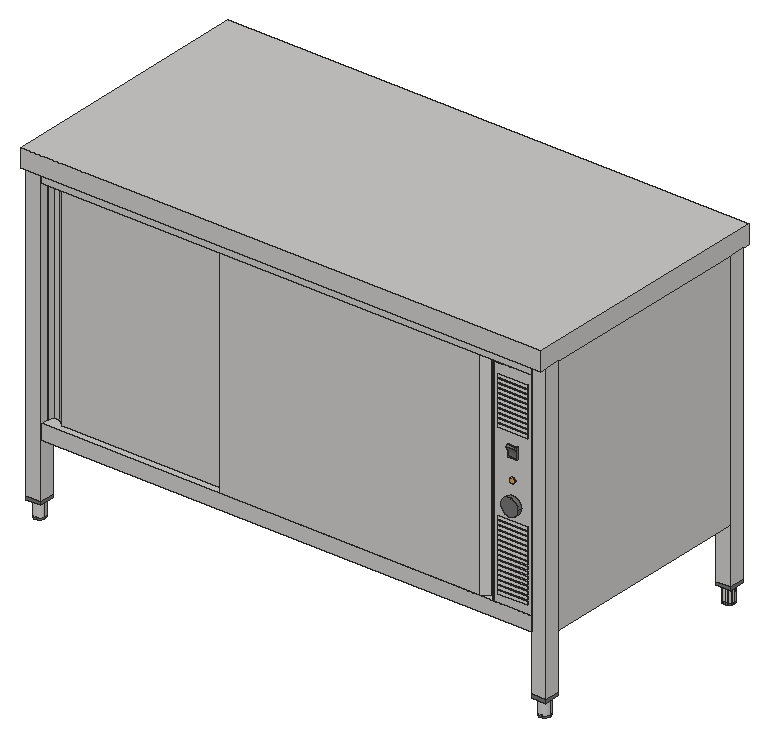
Revit family "QF_ELECTROLUXPROFESSIONAL_134055_GTCD1400E", category Attrezzature speciali, Revit 2020
Family settings
  Quota connettore circolare = Usa diametro
  Tipo di parte = Normale
  Basato su piano di lavoro = No
  Sempre verticale = Sì
  Taglio con vuoti quando caricato = No
  Condiviso = No
  Punto di calcolo locali = No
Parameters (values of type "Standard")
  Weight = 84.00 kg
  Watts = 2530 W
  Volts = 220 V
  URL Manufacturer = "https://www.electroluxprofessional.com/"
  URL = "https://www.electroluxprofessional.com/"
  Steam Supply Size = 0 mm
  Steam Supply Minimum Pressure = 0.0 Pa
  Steam Supply Maximum Pressure = 0.0 Pa
  Steam Consumption per Hour = 0
  Refrigeration Suction Line Size = 0.0 mm
  Refrigeration Liquid Line Size = 0.0 mm
  Refrigerant Compressor Remote = yes
  Prospetto di default = 0.0 mm
  Produttore = "Electrolux Professional"
  Phase = 1
  Modello = "GTCD1400E"
  Length Actual = 1400.0 mm  # constant formula
  Item Number = "134055"
  Hot Water Size = 0 mm
  Height Actual = 900.0 mm  # constant formula
  HP = "3.4 HP"
  Gas Size = 0 mm
  Gas KW = 0
  Gas Input Pressure = 0 W
  Direct Waste Size = 0 mm
  Descrizione = "HOT PASSTHRU CUPBOARD 1400 MM"
  Depth Actual = 700.0 mm  # constant formula
  Cycle = 50 Hz
  Condensate Return Size = 0 mm
  Compressed Air Volume = 0.0 L/s
  Compressed Air Size = 0 mm
  Compressed Air Pressure = 0.0 Pa
  Cold Water Size = 0 mm
  Accessory = yes
Reference planes
  plane 1 "Center (Front/Back)": y = 0
  plane 2: z = 0
  plane 3 "Center (Left/Right)": x = -200
  plane 4 "LEFT": x = -900
  plane 5 "RIGHT": x = 500
  plane 6 "BACK": y = 350
  plane 7 "FRONT": y = -350
  plane 8 "Base": z = 850
  plane 9 "TOP": z = 900
  plane 10: x = -880
  plane 11: x = 480
  plane 12: y = 310
  plane 13: y = -310
  plane 14 "BodyLeft": x = -900
  plane 15 "BodyFront": y = -330
  plane 16 "BodyRight": x = 500
  plane 17 "BodyBack": y = 330
  plane 18 "FEET": z = 200
  plane 19: x = -120
  plane 20: x = -380
  plane 21 "AxeSlideDoor": x = -250
  plane 22: x = 360
  plane 23: x = 410
  plane 24: y = -160
Forms (mm)
  Extrusion 1, solid, material "QF_Finishes_Stainless Steel"
    sketch origin (-200, 0, 0) x (0, 1, 0) y (0, 0, 1)
      loop
        line (-350, 850) -> (350, 850) -> (350, 900) -> (-350, 900) -> (-350, 850)
    from 700 to -700
  Extrusion 2, solid, material "QF_Finishes_Stainless Steel"
    sketch origin (0, 0, 200) x (-1, 0, 0) y (0, -1, 0)
      loop
        line (900, -290) -> (900, 290) -> (860, 290) -> (860, -290) -> (900, -290)
      loop
        line (-460, -290) -> (-460, 290) -> (-500, 290) -> (-500, -290) -> (-460, -290)
    from 0 to 650
  Extrusion 3, solid, material "QF_Finishes_Stainless Steel"
    sketch origin (0, 0, 200) x (-1, 0, 0) y (0, -1, 0)
      loop
        line (860, -330) -> (860, 330) -> (-460, 330) -> (-460, -330) -> (860, -330)
    from 0 to 40
  Extrusion 4, solid, material "QF_Finishes_Stainless Steel"
    sketch origin (0, 0, 200) x (-1, 0, 0) y (0, -1, 0)
      loop
        line (-360, -290) -> (-460, -290) -> (-460, -330) -> (-360, -330) -> (-360, -290)
    from 40 to 620
  Extrusion 5, solid, material "QF_Finishes_Stainless Steel"
    sketch origin (0, 0, 200) x (-1, 0, 0) y (0, -1, 0)
      loop
        line (-360, 330) -> (-360, 310) -> (380, 310) -> (380, 330) -> (-320, 330) -> (-340, 315) -> (-355, 315) -> (-355, 330) -> (-360, 330)
    from 40 to 620
  Extrusion 6, solid, material "QF_Finishes_Stainless Steel"
    sketch origin (0, 20, 200) x (1, 0, 0) y (0, 1, 0)
      loop
        line (-860, -330) -> (-855, -330) -> (-855, -315) -> (-840, -315) -> (-820, -330) -> (-120, -330) -> (-120, -310) -> (-860, -310) -> (-860, -330)
    from 40 to 620
  Extrusion 7, solid, material "QF_Finishes_Stainless Steel"
    sketch origin (0, 0, 200) x (-1, 0, 0) y (0, -1, 0)
      loop
        line (860, 290) -> (-460, 290) -> (-460, -290) -> (860, -290) -> (860, 290)
    from 350 to 390
  Extrusion 8, solid, material "QF_Finishes_Stainless Steel"
    sketch origin (0, 0, 200) x (-1, 0, 0) y (0, -1, 0)
      loop
        line (860, 330) -> (-460, 330) -> (-460, -330) -> (860, -330) -> (860, 330)
    from 620 to 650
  Extrusion 9, solid, material "QF_Finishes_Stainless Steel"
    sketch origin (0, 0, 200) x (-1, 0, 0) y (0, -1, 0)
      loop
        circle (-410, 160) r 10
    from 0 to -5
  Extrusion 10, solid, material "QF_Finishes_Stainless Steel"
    sketch origin (0, 0, 200) x (-1, 0, 0) y (0, -1, 0)
      loop
        line (-360, -330) -> (-355, -330) -> (-355, -315) -> (-340, -315) -> (-320, -330) -> (380, -330) -> (380, -310) -> (-360, -310) -> (-360, -330)
    from 40 to 620
  Extrusion 11, solid, material "QF_Finishes_Stainless Steel"
    sketch origin (0, -20, 200) x (1, 0, 0) y (0, 1, 0)
      loop
        line (-860, 330) -> (-860, 310) -> (-120, 310) -> (-120, 330) -> (-820, 330) -> (-840, 315) -> (-855, 315) -> (-855, 330) -> (-860, 330)
    from 40 to 620
Cuts and joins
  joined: Extrusion 4, Extrusion 8
Lines and regions (mm)
  symbolic lines
    curve 1: line (500, 350, 900) -> (-900, 350, 900)
    curve 2: line (-900, 350, 900) -> (-900, -350, 900)
    curve 3: line (-900, -350, 900) -> (500, -350, 900)
    curve 4: line (500, -350, 900) -> (500, 350, 900)
  symbolic lines, style "SpecialityEquipmentHiddenLines"
    curve 5: line (-900, 330, 200) -> (500, 330, 200)
    curve 6: line (-900, -330, 200) -> (-900, 330, 200)
    curve 7: line (500, -330, 200) -> (-900, -330, 200)
    curve 8: line (500, 330, 200) -> (500, -330, 200)
    curve 9: line (-860, -290, 200) -> (-120, -290, 200)
    curve 10: line (-120, -290, 200) -> (-120, -310, 200)
    curve 11: line (-860, -310, 200) -> (360, -310, 200)
    curve 12: line (360, -310, 200) -> (360, -330, 200)
    curve 13: line (-380, -310, 200) -> (-380, -330, 200)
    curve 14: line (-860, -290, 200) -> (-860, -310, 200)
    curve 15: line (-860, 290, 200) -> (-120, 290, 200)
    curve 16: line (-120, 290, 200) -> (-120, 310, 200)
    curve 17: line (-860, 310, 200) -> (360, 310, 200)
    curve 18: line (360, 310, 200) -> (360, 330, 200)
    curve 19: line (-380, 310, 200) -> (-380, 330, 200)
    curve 20: line (-860, 290, 200) -> (-860, 310, 200)
Dimensions and locks
  plane 4 "LEFT" to plane 5 "RIGHT" = 1400.0 mm
  equal spacing: plane 4 "LEFT", plane 3 "Center (Left/Right)", plane 5 "RIGHT"
  locked: plane 8 "Base" to level at 850
  plane 9 "TOP" to level = 900.0 mm
  plane 6 "BACK" to plane 7 "FRONT" = 700.0 mm
  equal spacing: plane 6 "BACK", plane 1 "Center (Front/Back)", plane 7 "FRONT"
  locked: plane 4 "LEFT" to plane 14 "BodyLeft"
  locked: plane 16 "BodyRight" to plane 5 "RIGHT"
  locked: plane 15 "BodyFront" to plane 7 "FRONT" at 20
  locked: plane 6 "BACK" to plane 17 "BodyBack" at 20
  locked: plane 14 "BodyLeft" to plane 10 at 20
  locked: plane 11 to plane 16 "BodyRight" at 20
  locked: plane 13 to plane 15 "BodyFront" at 20
  locked: plane 17 "BodyBack" to plane 12 at 20
  plane 10 to plane 11 = 1360.0 mm
  plane 12 to plane 13 = 620.0 mm
  locked: plane 14 "BodyLeft" to Extrusion 2 sketch curve at 40
  Extrusion 2 sketch curve to Extrusion 2 sketch curve = 40.0 mm
  locked: plane 18 "FEET" to plane 2 at 200
  plane 22 to plane 5 "RIGHT" = 140.0 mm
  equal spacing: Extrusion 2, plane 21 "AxeSlideDoor", plane 22
  locked: plane 20 to plane 21 "AxeSlideDoor" at 130
  locked: plane 21 "AxeSlideDoor" to plane 19 at 130
  plane 24 to plane 7 "FRONT" = 190.0 mm
  plane 23 to plane 16 "BodyRight" = 90.0 mm
  aligned and locked: level to plane 2
  aligned and locked: plane 10 to nested 1
  aligned and locked: nested 1 to plane 13
  aligned and locked: plane 11 to nested 2
  aligned and locked: nested 2 to plane 13
  aligned and locked: plane 11 to nested 4
  aligned and locked: nested 4 to plane 12
  aligned and locked: plane 10 to nested 3
  aligned and locked: nested 3 to plane 12
  aligned and locked: Extrusion 1 to plane 4 "LEFT"
  aligned and locked: plane 5 "RIGHT" to Extrusion 1
  aligned and locked: curve 2 to plane 4 "LEFT"
  aligned and locked: Extrusion 2 sketch curve to plane 14 "BodyLeft"
  aligned and locked: plane 16 "BodyRight" to Extrusion 2 sketch curve
  aligned and locked: plane 8 "Base" to Extrusion 2
  aligned and locked: Extrusion 5 to Extrusion 3
  aligned and locked: Extrusion 6 sketch curve to plane 19
  aligned and locked: Extrusion 5 sketch curve to plane 20
  aligned and locked: Extrusion 1 to plane 8 "Base"
  aligned and locked: plane 9 "TOP" to Extrusion 1
  aligned and locked: curve 5 to plane 17 "BodyBack"
  aligned and locked: plane 14 "BodyLeft" to curve 6
  aligned and locked: plane 15 "BodyFront" to curve 7
  aligned and locked: plane 16 "BodyRight" to curve 8
  aligned and locked: Extrusion 3 sketch curve to Extrusion 2  (x2)
  aligned and locked: Extrusion 2 to Extrusion 4 sketch curve
  aligned and locked: curve 7 to Extrusion 3 sketch curve
  aligned and locked: plane 22 to Extrusion 5 sketch curve
  aligned and locked: nested 5 to Extrusion 2
  aligned and locked: nested 5 to Extrusion 3
  aligned and locked: Extrusion 8 sketch curve to plane 15 "BodyFront"
  aligned and locked: Extrusion 4 sketch curve to plane 22
  aligned and locked: Extrusion 3 sketch curve to plane 17 "BodyBack"
  aligned and locked: plane 17 "BodyBack" to Extrusion 8 sketch curve
  aligned and locked: curve 12 to plane 22
  aligned and locked: plane 22 to curve 18
Automatic sketch dimensions
  curve 3 to plane 5 "RIGHT" = 0.0 mm
  curve 3 to plane 7 "FRONT" = 0.0 mm
  curve 2 to plane 6 "BACK" = 0.0 mm
  Extrusion 1 sketch curve to plane 7 "FRONT" = 0.0 mm
  Extrusion 1 sketch curve to plane 6 "BACK" = 0.0 mm
  Extrusion 1 sketch curve to plane 8 "Base" = 0.0 mm
  Extrusion 1 sketch curve to plane 9 "TOP" = 0.0 mm
  Extrusion 2 sketch curve to plane 12 = 20.0 mm  (x2)
  plane 13 to Extrusion 2 sketch curve = 20.0 mm  (x2)
  Extrusion 4 sketch curve to plane 17 "BodyBack" = 0.0 mm
  Extrusion 4 sketch curve to plane 12 = 20.0 mm
  Extrusion 5 sketch curve to plane 15 "BodyFront" = 0.0 mm  (x2)
  Extrusion 5 sketch curve to plane 13 = 0.0 mm
  Extrusion 5 sketch curve to plane 22 = 5.0 mm
  Extrusion 5 sketch curve to plane 13 = 5.0 mm
  Extrusion 5 sketch curve to Extrusion 5 sketch curve = 15.0 mm
  Extrusion 5 sketch curve to Extrusion 5 sketch curve = 20.0 mm
  Extrusion 6 sketch curve to plane 13 = 0.0 mm  (x2)
  Extrusion 6 sketch curve to plane 10 = 60.0 mm
  Extrusion 6 sketch curve to plane 13 = 15.0 mm
  Extrusion 6 sketch curve to Extrusion 6 sketch curve = 20.0 mm  (x2)
  Extrusion 6 sketch curve to Extrusion 6 sketch curve = 15.0 mm
  Extrusion 6 sketch curve to Extrusion 6 sketch curve = 5.0 mm
  curve 17 to plane 12 = 0.0 mm
  curve 12 to plane 13 = 0.0 mm
  curve 16 to plane 19 = 0.0 mm
  curve 10 to plane 19 = 0.0 mm
  curve 13 to plane 20 = 0.0 mm
  curve 19 to plane 20 = 0.0 mm
  plane 10 to curve 14 = 20.0 mm
  plane 10 to curve 15 = 20.0 mm
  curve 17 to curve 20 = 20.0 mm
  plane 13 to curve 14 = 20.0 mm
  Extrusion 7 sketch curve to plane 11 = 20.0 mm
  plane 10 to Extrusion 7 sketch curve = 20.0 mm
  Extrusion 7 sketch curve to plane 12 = 20.0 mm
  plane 13 to Extrusion 7 sketch curve = 20.0 mm
  Extrusion 8 sketch curve to plane 11 = 20.0 mm
  plane 10 to Extrusion 8 sketch curve = 20.0 mm
  Extrusion 9 sketch curve to plane 23 = 0.0 mm
  Extrusion 9 sketch curve to plane 24 = 0.0 mm
  Extrusion 10 sketch curve to plane 17 "BodyBack" = 0.0 mm  (x2)
  Extrusion 10 sketch curve to plane 22 = 0.0 mm
  Extrusion 10 sketch curve to plane 20 = 0.0 mm
  Extrusion 10 sketch curve to plane 12 = 0.0 mm
  plane 22 to Extrusion 10 sketch curve = 5.0 mm
  Extrusion 10 sketch curve to plane 12 = 5.0 mm
  Extrusion 10 sketch curve to Extrusion 10 sketch curve = 15.0 mm
  Extrusion 10 sketch curve to Extrusion 10 sketch curve = 20.0 mm
  Extrusion 11 sketch curve to plane 12 = 0.0 mm  (x2)
  Extrusion 11 sketch curve to plane 19 = 0.0 mm
  plane 10 to Extrusion 11 sketch curve = 60.0 mm
  Extrusion 11 sketch curve to plane 12 = 15.0 mm
  Extrusion 11 sketch curve to Extrusion 11 sketch curve = 20.0 mm  (x2)
  Extrusion 11 sketch curve to Extrusion 11 sketch curve = 15.0 mm
  Extrusion 11 sketch curve to Extrusion 11 sketch curve = 5.0 mm
  radius of Extrusion 9 sketch curve = 10.0 mm
Nested families
  nested 1: "FEET_40x40_APP50" at (-880, -310, 0), type "FEET_40x40_APP50"
  nested 2: "FEET_40x40_APP50" at (480, -310, 0), type "FEET_40x40_APP50"
  nested 3: "FEET_40x40_APP50" at (-880, 310, 0), type "FEET_40x40_APP50"
  nested 4: "FEET_40x40_APP50" at (480, 310, 0), type "FEET_40x40_APP50"
  nested 5: "WT_PNL100x580" at (546.92, -290, 605) x (1, 0, 0) z (0, -1, 0), type "WT_PNL100x580"
    with Show Logo yes
  nested 6: "FEET_40x40_APP50" at (-680, 310, 0), type "FEET_40x40_APP50"
  nested 7: "FEET_40x40_APP50" at (480, 310, 0), type "FEET_40x40_APP50"
Connectors
  electrical at (410, -160, 195)
    settings: on Extrusion 9, index 1, voltage 0 V, apparent load 0 VA, apparent load phase1 0 VA, apparent load phase2 0 VA, apparent load phase3 0 VA, power factor 1, load classification "Other", number of poles 1, system type 30, power factor state 1, is connector primary yes, connector utility no, sub classification motor no, connector description "Electrical connection"
Definition of nested family "FEET_40x40_APP50"
  Parameters
    Default Elevation = 0.0 mm
    FEET = 850.0 mm
  Reference planes
    plane 1 "Center (Front/Back)": y = 0
    plane 2: z = 0
    plane 3 "Center (Left/Right)": x = 0
    plane 4: z = 850
  Forms (mm)
    Extrusion 1, solid
      sketch origin (0, 0, 0) x (1, 0, 0) y (0, 1, 0)
        loop
          line (-20, -20) -> (20, -20) -> (20, 20) -> (-20, 20) -> (-20, -20)
      from 50 to 850
    Extrusion 2, solid
      sketch origin (0, 0, 0) x (1, 0, 0) y (0, 1, 0)
        loop
          circle (0, 0) r 15
      from 0 to 5
    Extrusion 3, solid
      sketch origin (0, 0, 0) x (1, 0, 0) y (0, 1, 0)
        loop
          line (-20, -20) -> (20, -20) -> (20, 20) -> (-20, 20) -> (-20, -20)
      from 50 to 42
    Extrusion 4, solid
      sketch origin (0, 0, 0) x (1, 0, 0) y (0, 1, 0)
        loop
          circle (0, 0) r 15
      from 5 to 42
  Lines and regions (mm)
    symbolic lines
      curve 1: line (0, -1.503, 0) -> (0, 1.508, 0)
      curve 2: line (1.561, 0, 0) -> (-1.439, 0, 0)
  Dimensions and locks
    "FEET": plane 4 to plane 2
    aligned and locked: level to plane 2
  Automatic sketch dimensions
    plane 1 "Center (Front/Back)" to curve 2 = 0.0 mm
    curve 1 to plane 3 "Center (Left/Right)" = 0.0 mm
    curve 2 to plane 3 "Center (Left/Right)" = 1.439 mm
    plane 3 "Center (Left/Right)" to curve 2 = 1.561 mm
    plane 1 "Center (Front/Back)" to curve 1 = 1.503 mm
    curve 1 to plane 1 "Center (Front/Back)" = 1.508 mm
    Extrusion 1 sketch curve to plane 3 "Center (Left/Right)" = 20.0 mm
    plane 3 "Center (Left/Right)" to Extrusion 1 sketch curve = 20.0 mm
    plane 1 "Center (Front/Back)" to Extrusion 1 sketch curve = 20.0 mm
    Extrusion 1 sketch curve to plane 1 "Center (Front/Back)" = 20.0 mm
    plane 1 "Center (Front/Back)" to Extrusion 2 sketch curve = 0.0 mm
    Extrusion 2 sketch curve to plane 3 "Center (Left/Right)" = 0.0 mm
    Extrusion 3 sketch curve to plane 3 "Center (Left/Right)" = 20.0 mm
    plane 3 "Center (Left/Right)" to Extrusion 3 sketch curve = 20.0 mm
    plane 1 "Center (Front/Back)" to Extrusion 3 sketch curve = 20.0 mm
    Extrusion 3 sketch curve to plane 1 "Center (Front/Back)" = 20.0 mm
    plane 1 "Center (Front/Back)" to Extrusion 4 sketch curve = 0.0 mm
    Extrusion 4 sketch curve to plane 3 "Center (Left/Right)" = 0.0 mm
    radius of Extrusion 2 sketch curve = 15.0 mm
    radius of Extrusion 4 sketch curve = 15.0 mm
Definition of nested family "WT_PNL100x580"
  Parameters
    Show Logo [instance] = yes
    Default Elevation = 1219.2 mm
  Reference planes
    plane 1 "Center (Front/Back)": y = -75
    plane 2: z = 0
    plane 3 "Center (Left/Right)": x = -136.92
    plane 4: x = -186.92
    plane 5: x = -86.92
    plane 6 "TOP": z = 40
  Forms (mm)
    Extrusion 1, solid
      sketch origin (0, 0, 0) x (1, 0, 0) y (0, 1, 0)
        loop
          line (-1219.2, 1219.2) -> (-1219.2, -1219.2) -> (1219.2, -1219.2) -> (1219.2, 1219.2) -> (-1219.2, 1219.2)
      from 0 to -304.8
    Extrusion 2, solid
      sketch origin (0, 35, 0) x (1, 0, 0) y (0, 1, 0)
        loop
          line (-186.92, 180) -> (-186.92, -400) -> (-86.92, -400) -> (-86.92, 180) -> (-186.92, 180)
      from 0 to 40
    Extrusion 3, solid
      sketch origin (0, 35, 40) x (-1, 0, 0) y (0, -1, 0)
        loop
          circle (136.92, 151.711) r 22.964
      from 0 to 11.071
    Extrusion 4, solid
      sketch origin (-136.92, 35, 0) x (0, 1, 0) y (0, 0, 1)
        loop
          line (95.896, 40) -> (104.899, 40) -> (95.896, 41.206) -> (95.896, 40)
        loop
          line (107.896, 40) -> (116.899, 40) -> (107.896, 41.206) -> (107.896, 40)
        loop
          line (119.896, 40) -> (128.899, 40) -> (119.896, 41.206) -> (119.896, 40)
        loop
          line (131.896, 40) -> (140.899, 40) -> (131.896, 41.206) -> (131.896, 40)
        loop
          line (143.896, 40) -> (152.899, 40) -> (143.896, 41.206) -> (143.896, 40)
        loop
          line (-246.104, 40) -> (-237.101, 40) -> (-246.104, 41.206) -> (-246.104, 40)
        loop
          line (-234.104, 40) -> (-225.101, 40) -> (-234.104, 41.206) -> (-234.104, 40)
        loop
          line (-222.104, 40) -> (-213.101, 40) -> (-222.104, 41.206) -> (-222.104, 40)
        loop
          line (-210.104, 40) -> (-201.101, 40) -> (-210.104, 41.206) -> (-210.104, 40)
        loop
          line (-198.104, 40) -> (-189.101, 40) -> (-198.104, 41.206) -> (-198.104, 40)
        loop
          line (-318.104, 40) -> (-309.101, 40) -> (-318.104, 41.206) -> (-318.104, 40)
        loop
          line (-306.104, 40) -> (-297.101, 40) -> (-306.104, 41.206) -> (-306.104, 40)
        loop
          line (-294.104, 40) -> (-285.101, 40) -> (-294.104, 41.206) -> (-294.104, 40)
        loop
          line (-282.104, 40) -> (-273.101, 40) -> (-282.104, 41.206) -> (-282.104, 40)
        loop
          line (-270.104, 40) -> (-261.101, 40) -> (-270.104, 41.206) -> (-270.104, 40)
        loop
          line (-258.104, 40) -> (-249.101, 40) -> (-258.104, 41.206) -> (-258.104, 40)
        loop
          line (-366.104, 40) -> (-357.101, 40) -> (-366.104, 41.206) -> (-366.104, 40)
        loop
          line (-354.104, 40) -> (-345.101, 40) -> (-354.104, 41.206) -> (-354.104, 40)
        loop
          line (-342.104, 40) -> (-333.101, 40) -> (-342.104, 41.206) -> (-342.104, 40)
        loop
          line (-330.104, 40) -> (-321.101, 40) -> (-330.104, 41.206) -> (-330.104, 40)
        loop
          line (-378.104, 40) -> (-369.101, 40) -> (-378.104, 41.206) -> (-378.104, 40)
        loop
          line (23.896, 40) -> (32.899, 40) -> (23.896, 41.206) -> (23.896, 40)
        loop
          line (35.896, 40) -> (44.899, 40) -> (35.896, 41.206) -> (35.896, 40)
        loop
          line (47.896, 40) -> (56.899, 40) -> (47.896, 41.206) -> (47.896, 40)
        loop
          line (59.896, 40) -> (68.899, 40) -> (59.896, 41.206) -> (59.896, 40)
        loop
          line (71.896, 40) -> (80.899, 40) -> (71.896, 41.206) -> (71.896, 40)
        loop
          line (83.896, 40) -> (92.899, 40) -> (83.896, 41.206) -> (83.896, 40)
      from -40 to 40
    Extrusion 5, solid
      sketch origin (0, -5, 40) x (-1, 0, 0) y (0, -1, 0)
        loop
          line (123.92, -32.89) -> (149.92, -32.89) -> (149.92, -1.89) -> (123.92, -1.89) -> (123.92, -32.89)
        loop
          line (148.92, -31.89) -> (148.92, -2.89) -> (124.92, -2.89) -> (124.92, -31.89) -> (148.92, -31.89)
      from 0 to 1.6
    Extrusion 6, solid
      sketch origin (0, 95, 40) x (-1, 0, 0) y (0, -1, 0)
        loop
          circle (136.92, 151.711) r 7
      from 0 to 1.6
    Extrusion 7, solid
      sketch origin (-136.92, 35, 0) x (0, 1, 0) y (0, 0, 1)
        loop
          line (-37.11, 38) -> (-8.11, 38) -> (-8.11, 41.206)
          arc (-8.11, 41.206) -> (-8.756, 45.488) -> (-10.639, 49.389) r 14.5
          arc (-10.639, 49.389) -> (-23.172, 43.026) -> (-37.11, 41.206) r 41.552
          line (-37.11, 41.206) -> (-37.11, 38)
      from -12 to 12
  Dimensions and locks
    equal spacing: plane 4, plane 3 "Center (Left/Right)", plane 5
    plane 6 "TOP" to level = 40.0 mm
    Extrusion 2 to Extrusion 2 = 580.0 mm
    plane 4 to plane 5 = 100.0 mm
    aligned and locked: plane 2 to Extrusion 1
    aligned and locked: level to Extrusion 1
  Automatic sketch dimensions
    Extrusion 1 sketch curve to Extrusion 1 sketch curve = 2438.4 mm  (x2)
    Extrusion 2 sketch curve to plane 4 = 0.0 mm
    Extrusion 2 sketch curve to plane 5 = 0.0 mm
    Extrusion 3 sketch curve to plane 3 "Center (Left/Right)" = 0.0 mm
    plane 1 "Center (Front/Back)" to Extrusion 3 sketch curve = 41.711 mm
    plane 3 "Center (Left/Right)" to Extrusion 5 sketch curve = 13.0 mm
    Extrusion 5 sketch curve to plane 3 "Center (Left/Right)" = 13.0 mm
    Extrusion 5 sketch curve to plane 1 "Center (Front/Back)" = 102.89 mm
    Extrusion 5 sketch curve to Extrusion 5 sketch curve = 31.0 mm
    Extrusion 6 sketch curve to plane 3 "Center (Left/Right)" = 0.0 mm
    Extrusion 6 sketch curve to plane 1 "Center (Front/Back)" = 18.289 mm
    Extrusion 4 sketch curve to plane 6 "TOP" = 0.0 mm  (x27)
    Extrusion 4 sketch curve to Extrusion 4 sketch curve = 9.003 mm  (x27)
    Extrusion 4 sketch curve to Extrusion 4 sketch curve = 2.997 mm  (x25)
    plane 6 "TOP" to Extrusion 4 sketch curve = 1.206 mm  (x27)
    Extrusion 4 sketch curve to plane 1 "Center (Front/Back)" = 133.896 mm
    Extrusion 5 sketch curve to Extrusion 5 sketch curve = 1.0 mm  (x4)
    Extrusion 7 sketch curve to plane 6 "TOP" = 2.0 mm
    Extrusion 7 sketch curve to plane 1 "Center (Front/Back)" = 72.89 mm
    Extrusion 7 sketch curve to plane 1 "Center (Front/Back)" = 74.556 mm
    plane 6 "TOP" to Extrusion 7 sketch curve = 1.206 mm  (x2)
    Extrusion 7 sketch curve to Extrusion 7 sketch curve = 14.5 mm  (x2)
    Extrusion 7 sketch curve to Extrusion 7 sketch curve = 2.529 mm
    Extrusion 2 sketch curve to plane 1 "Center (Front/Back)" = 290.0 mm
    plane 1 "Center (Front/Back)" to Extrusion 2 sketch curve = 290.0 mm
    plane 1 "Center (Front/Back)" to Extrusion 4 sketch curve = 79.101 mm
    radius of Extrusion 3 sketch curve = 22.964 mm
    radius of Extrusion 6 sketch curve = 7.0 mm
